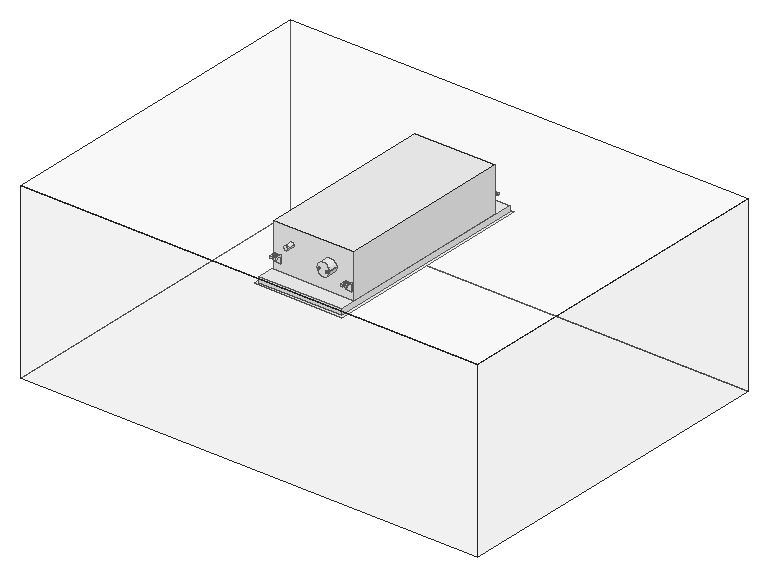
Revit family "pl-rp40_160la17_50Hz", category 機械設備, Revit 2019
Family settings
  丸型コネクタ寸法 = 直径を使用
  パーツ タイプ = 標準
  OmniClass 番号 = 23.75.10.24.21.27.27
  OmniClass タイトル = Split System Air Conditioning Units
  作業面ベース = いいえ
  常に垂直 = はい
  ロード時にボイドで切り取り = いいえ
  共有 = いいえ
  部屋計算ポイント = はい
Parameters (values of type "PL-RP160LA17_50Hz")
  風量（静）（m3／min） = 20
  風量（静） = 風量（静）（m3／min） * 60  # 1200
  風量（弱）（m3／min） = 24.5
  風量（中）（m3／min） = 27
  風量（m3／min） = 30
  風量 = MAX風量  # 1800.0 m³/h
  音響パワーレベル（静）(dB) = 62
  音響パワーレベル（弱）(dB) = 63
  音響パワーレベル（中）(dB) = 66
  音響パワーレベル(dB) = 67
  電源種別 = "一般"
  電圧_電気ヒーター = 0 V
  電圧 = 200 V
  電動機出力_送風機 = 0.24 kW
  運転質量 = 0.00 kg
  連動 = ""
  質量 = if(製品質量 > 運転質量, 製品質量, 運転質量) * 1.2  # 56.40 kg
  負荷分類 = 3_ファン類
  説明 = "空冷ヒートポンプインバータPAC天井カセット形(2方向吹出)"
  設計暖房能力 = 0 kW
  設計冷房能力_顕熱 = 0 kW
  設計冷房能力 = 0 kW
  設置方法 = "カセット形(2方向吹出形)"
  記号 = ""
  製造元 = "三菱電機株式会社"
  製品質量 = 47.00 kg
  製品出荷対象 = "国内"
  製品リリース年月 = "2021/5/10"
  製品グループ = ""
  系統 = ""
  符号 = "PAC_CK2"
  積算_科目 = "1 空気調和設備"
  積算_拾い区分 = ""
  相_電気ヒーター = 1
  相 = 1
  盤記号 = ""
  発停方法 = ""
  特殊仕様 = ""
  火災停止 = ""
  消費電力_電気ヒーター = 0 kW
  消費電力_暖房 = 0.14 kW
  消費電力_加湿器 = 0 kW
  消費電力_冷房 = 0.14 kW
  消費電力 = if(消費電力_冷房 > 消費電力_暖房, 消費電力_冷房, 消費電力_暖房) + 消費電力_加湿器 + 消費電力_電気ヒーター  # 0.14 kW
  法定耐用年数 = "15"
  機外静圧 = 0.0 Pa
  製造番号 = ""
  極数 = 3
  材質 = "溶融亜鉛メッキ鋼板"
  本体マテリアル = 鋼、ペイント仕上げ、アイボリー、光沢
  有効加湿量 = 0
  暖房能力 = 16 kW
  推奨ブレーカー容量 = 15 A
  形式_加湿器 = ""
  形式 = "カセット形(2方向吹出形)"
  幹線記号 = ""
  始動方式 = "直入"
  呼称 = "パッケージ形空気調和機_室内機"
  周波数 = 50 Hz
  吊り金具_高さ = 231.000 mm
  吊り位置Y = 1494.000 mm
  吊り位置X = 574.000 mm
  加湿給水管径 = 0 mm
  分類コード = "50053003123020"
  分類グループ = ""
  冷房能力 = 14 kW
  冷媒高低圧ガス管径 = 0 mm
  冷媒管径符号 = "Bg"
  冷媒管径 = 100 mm
  冷媒液管高さ = 163.000 mm
  冷媒液管長さ = 71.000 mm
  冷媒液管径 = 9.52 mm
  冷媒ガス管高さ = 163.000 mm
  冷媒ガス管長さ = 83.000 mm
  冷媒ガス管径 = 15.88 mm
  価格 = 0
  企業コード = "108420"
  付属品_フィルター = ""
  付属品 = ""
  モデル = "PL-RP160LA17"
  ドレン管高さ = 101.000 mm
  ドレン管径 = 32 mm
  サービススペース = yes
  ケーブル種類 = ""
  ケーブルサイズ = 1.6 mm
  Width = 650.000 mm
  Version = ""
  Uniclass2015Version = "Systems v1.9"
  Uniclass2015Title = "Split coil remote air cooled condensing units"
  Uniclass2015Code = "Pr_70_65_03_84"
  URL = "https://www.mitsubishielectric.co.jp/ldg/wink/ssl/displayProduct.do?pid=310203"
  SpecificationReference = ""
  SpecificationDescription = ""
  S_H = 0.000 mm
  Revision = ""
  ProductInformation = ""
  OmniClassCode = "23-751024212727"
  MIN風量 = 風量（弱）（m3／min） * 60.0 m³/h  # 1470.0 m³/h
  MID風量 = 風量（中）（m3／min） * 60.0 m³/h  # 1620.0 m³/h
  MAX風量 = 風量（m3／min） * 60.0 m³/h  # 1800.0 m³/h
  IfcTypeProduct = ""
  IfcProduct = ""
  IfcExportType = "AIRCONDITIONINGUNIT"
  IfcExportAs = "IfcUnitaryEquipmentType"
  Height = 398.000 mm
  Depth = 1440.000 mm
  Author = "三菱電機株式会社"
Types (10, lengths in mm): name | 風量（静）（m3／min） | 風量（静） | 風量（弱）（m3／min） | 風量（中）（m3／min） | 風量（m3／min） | 風量 | 音響パワーレベル（静）(dB) | 音響パワーレベル（弱）(dB) | 音響パワーレベル（中）(dB) | 音響パワーレベル(dB) | 電動機出力_送風機 | 質量 | 製品質量 | 消費電力_暖房 | 消費電力_冷房 | 消費電力 | 暖房能力 | 吊り金具_高さ | 吊り位置Y | 冷房能力 | 冷媒管径符号 | 冷媒液管高さ | 冷媒液管長さ | 冷媒液管径 | 冷媒ガス管高さ | 冷媒ガス管長さ | 冷媒ガス管径 | モデル | ドレン管高さ | URL | MIN風量 | MID風量 | MAX風量 | Height | Depth
  PL-RP40LA17_50Hz | 7 | 420 | 8 | 9 | 10 | 600.0 m³/h | 49 | 50 | 51 | 52 | 0.05 kW | 25.20 kg | 21.00 kg | 0.03 kW | 0.03 kW | 0.03 kW | 4 kW | 190.000 | 824.000 | 3.6 kW | "Ac" | 122.000 | 67.000 | 6.35 | 122.000 | 78.000 | 12.7 | "PL-RP40LA17" | 60.000 | "https://www.mitsubishielectric.co.jp/ldg/wink/ssl/displayProduct.do?pid=310232" | 480.0 m³/h | 540.0 m³/h | 600.0 m³/h | 357.000 | 770.000
  PL-RP45LA17_50Hz | 8.5 | 510 | 9.5 | 10.5 | 11.5 | 690.0 m³/h | 49 | 50 | 52 | 53 | 0.05 kW | 28.80 kg | 24.00 kg | 0.04 kW | 0.04 kW | 0.04 kW | 4.5 kW | 190.000 | 994.000 | 4 kW | "Ac" | 122.000 | 67.000 | 6.35 | 122.000 | 78.000 | 12.7 | "PL-RP45LA17" | 60.000 | "https://www.mitsubishielectric.co.jp/ldg/wink/ssl/displayProduct.do?pid=310231" | 570.0 m³/h | 630.0 m³/h | 690.0 m³/h | 357.000 | 940.000
  PL-RP50LA17_50Hz | 10 | 600 | 12 | 13 | 14 | 840.0 m³/h | 51 | 54 | 56 | 58 | 0.05 kW | 31.20 kg | 26.00 kg | 0.06 kW | 0.06 kW | 0.06 kW | 5 kW | 190.000 | 994.000 | 4.5 kW | "Ac" | 122.000 | 67.000 | 6.35 | 122.000 | 78.000 | 12.7 | "PL-RP50LA17" | 60.000 | "https://www.mitsubishielectric.co.jp/ldg/wink/ssl/displayProduct.do?pid=310196" | 720.0 m³/h | 780.0 m³/h | 840.0 m³/h | 357.000 | 940.000
  PL-RP56LA17_50Hz | 10 | 600 | 12 | 13 | 14 | 840.0 m³/h | 52 | 54 | 56 | 58 | 0.05 kW | 31.20 kg | 26.00 kg | 0.06 kW | 0.06 kW | 0.06 kW | 5.6 kW | 190.000 | 994.000 | 5 kW | "Ac" | 122.000 | 67.000 | 6.35 | 122.000 | 78.000 | 12.7 | "PL-RP56LA17" | 60.000 | "https://www.mitsubishielectric.co.jp/ldg/wink/ssl/displayProduct.do?pid=310197" | 720.0 m³/h | 780.0 m³/h | 840.0 m³/h | 357.000 | 940.000
  PL-RP63LA17_50Hz | 10 | 600 | 12 | 13 | 14 | 840.0 m³/h | 53 | 54 | 56 | 58 | 0.05 kW | 31.20 kg | 26.00 kg | 0.06 kW | 0.06 kW | 0.06 kW | 6.3 kW | 190.000 | 994.000 | 5.6 kW | "Ac" | 122.000 | 67.000 | 6.35 | 122.000 | 78.000 | 12.7 | "PL-RP63LA17" | 60.000 | "https://www.mitsubishielectric.co.jp/ldg/wink/ssl/displayProduct.do?pid=310198" | 720.0 m³/h | 780.0 m³/h | 840.0 m³/h | 357.000 | 940.000
  PL-RP71LA17_50Hz | 10 | 600 | 12 | 13 | 14 | 840.0 m³/h | 54 | 55 | 56 | 58 | 0.05 kW | 31.20 kg | 26.00 kg | 0.06 kW | 0.06 kW | 0.06 kW | 7 kW | 190.000 | 994.000 | 6.3 kW | "Bd" | 122.000 | 67.000 | 9.52 | 122.000 | 78.000 | 15.88 | "PL-RP71LA17" | 60.000 | "https://www.mitsubishielectric.co.jp/ldg/wink/ssl/displayProduct.do?pid=310199" | 720.0 m³/h | 780.0 m³/h | 840.0 m³/h | 357.000 | 940.000
  PL-RP80LA17_50Hz | 10 | 600 | 12 | 13 | 14 | 840.0 m³/h | 55 | 56 | 57 | 59 | 0.05 kW | 31.20 kg | 26.00 kg | 0.06 kW | 0.06 kW | 0.06 kW | 8 kW | 190.000 | 994.000 | 7.1 kW | "Bg" | 122.000 | 67.000 | 9.52 | 122.000 | 78.000 | 15.88 | "PL-RP80LA17" | 60.000 | "https://www.mitsubishielectric.co.jp/ldg/wink/ssl/displayProduct.do?pid=310200" | 720.0 m³/h | 780.0 m³/h | 840.0 m³/h | 357.000 | 940.000
  PL-RP112LA17_50Hz | 18 | 1080 | 20.5 | 22.5 | 24 | 1440.0 m³/h | 58 | 60 | 61 | 62 | 0.1 kW | 54.00 kg | 45.00 kg | 0.09 kW | 0.09 kW | 0.09 kW | 11.2 kW | 231.000 | 1494.000 | 10 kW | "Bg" | 163.000 | 71.000 | 9.52 | 163.000 | 83.000 | 15.88 | "PL-RP112LA17" | 101.000 | "https://www.mitsubishielectric.co.jp/ldg/wink/ssl/displayProduct.do?pid=310201" | 1230.0 m³/h | 1350.0 m³/h | 1440.0 m³/h | 398.000 | 1440.000
  PL-RP140LA17_50Hz | 20 | 1200 | 24.5 | 27 | 29 | 1740.0 m³/h | 61 | 62 | 65 | 66 | 0.24 kW | 56.40 kg | 47.00 kg | 0.14 kW | 0.14 kW | 0.14 kW | 14 kW | 231.000 | 1494.000 | 12.5 kW | "Bg" | 163.000 | 71.000 | 9.52 | 163.000 | 83.000 | 15.88 | "PL-RP140LA17" | 101.000 | "https://www.mitsubishielectric.co.jp/ldg/wink/ssl/displayProduct.do?pid=310202" | 1470.0 m³/h | 1620.0 m³/h | 1740.0 m³/h | 398.000 | 1440.000
  PL-RP160LA17_50Hz | 20 | 1200 | 24.5 | 27 | 30 | 1800.0 m³/h | 62 | 63 | 66 | 67 | 0.24 kW | 56.40 kg | 47.00 kg | 0.14 kW | 0.14 kW | 0.14 kW | 16 kW | 231.000 | 1494.000 | 14 kW | "Bg" | 163.000 | 71.000 | 9.52 | 163.000 | 83.000 | 15.88 | "PL-RP160LA17" | 101.000 | "https://www.mitsubishielectric.co.jp/ldg/wink/ssl/displayProduct.do?pid=310203" | 1470.0 m³/h | 1620.0 m³/h | 1800.0 m³/h | 398.000 | 1440.000
Reference planes
  plane 1 "中心(正面/背面)": y = 0
  plane 2: z = 0
  plane 3 "中心(左/右)": x = 0
  plane 4 "最外形_1": y = 875
  plane 5 "最外形_2": y = -875
  plane 6 "本体_1": y = 720
  plane 7 "本体_2": y = -720
  plane 8 "吊り位置Y_1": y = 747
  plane 9 "吊り位置Y_2": y = -747
  plane 10 "吊り位置X_2": x = 287
  plane 11 "吊り位置X_1": x = -287
  plane 12 "吊り金具位置": z = 167
  plane 13 "冷媒管_高さ": z = 235
  plane 14 "ガス管_1": y = -803
  plane 15 "液管_1": y = -791
  plane 16 "ガス管_2": x = 173
  plane 17 "液管_2": x = 103
  plane 18 "ドレン配管_高さ": z = 275
  plane 19: x = -175
  plane 20 "ドレン_長さ": y = -777
  plane 21 "サービススペース": z = 345
  plane 22 "点検口範囲_1": y = -340
  plane 23 "点検口範囲_2": y = 310
  plane 24: y = 450
  plane 25: y = 110
  plane 26 "サービススペース_2": x = 1855
  plane 27 "サービススペース_1": x = -1855
  plane 28 "サービススペース_3": y = 1375
  plane 29 "サービススペース_4": y = -1375
  plane 30 "高さ": z = 398
  plane 31 "サービススペース_5": z = -1000
Forms (mm)
  Extrusion 1, solid, detail levels fine
    sketch origin (0, 0, 0) x (0, -1, 0) y (1, 0, 0)
      loop
        line (855, -335) -> (855, 335) -> (-855, 335) -> (-855, -335) -> (855, -335)
    from 0 to 45
  Extrusion 2, solid, detail levels fine
    sketch origin (0, 0, 0) x (0, -1, 0) y (1, 0, 0)
      loop
        line (-720, 325) -> (-720, -325) -> (720, -325) -> (720, 325) -> (-720, 325)
    from 45 to 398
  Extrusion 3, solid, detail levels fine
    sketch origin (0, 0, 0) x (1, 0, 0) y (0, 1, 0)
      loop
        line (355, -875) -> (355, 875) -> (-355, 875) -> (-355, -875) -> (355, -875)
    from -20 to 0
  Sweep 4, void
    path in 3D
      loop
        line (-355, -875, -20) -> (-355, 875, -20) -> (355, 875, -20) -> (355, -875, -20) -> (-355, -875, -20)
    profile origin (0, -875, -20) x (0, 1, 0) y (0, 0, -1)
      loop
        line (0, -20) -> (31.974, 0) -> (0, 0) -> (0, -20)
  Extrusion 5, solid, detail levels fine
    sketch origin (0, 0, 0) x (1, 0, 0) y (0, 0, 1)
      loop
        circle (103, 235) r 4.76
    from 720 to 791
  Extrusion 6, solid, detail levels fine
    sketch origin (0, 0, 0) x (1, 0, 0) y (0, 0, 1)
      loop
        circle (173, 235) r 7.94
    from 720 to 803
  Extrusion 7, solid, detail levels fine
    sketch origin (0, 0, 0) x (1, 0, 0) y (0, 0, 1)
      loop
        circle (138, 235) r 50
    from 720 to 791
  Extrusion 8, solid, detail levels fine
    sketch origin (0, 0, 0) x (1, 0, 0) y (0, 0, 1)
      loop
        circle (-175, 275) r 16
    from 720 to 777
Cuts and joins
  Sweep 4 cuts Extrusion 3
Lines and regions (mm)
  model lines, detail levels fine
    curve 1: line (-240, 770, -20) -> (240, 770, -20)
    curve 2: line (250, 760, -20) -> (250, -760, -20)
    curve 3: line (180, 770, -20) -> (180, -770, -20)
    curve 4: line (-240, -770, -20) -> (240, -770, -20)
    curve 5: line (-250, 760, -20) -> (-250, -760, -20)
    curve 6: line (-180, 770, -20) -> (-180, -770, -20)
    curve 7: arc (240, 770, -20) -> (247.071, 767.071, -20) -> (250, 760, -20) r 10
    curve 8: arc (250, -760, -20) -> (247.071, -767.071, -20) -> (240, -770, -20) r 10
    curve 9: arc (-250, -760, -20) -> (-247.071, -767.071, -20) -> (-240, -770, -20) r 10
    curve 10: arc (-250, 760, -20) -> (-247.071, 767.071, -20) -> (-240, 770, -20) r 10
    curve 11: line (260.1, 759.827, -20) -> (260.1, -759.827, -20)
    curve 12: line (271.273, 771, -20) -> (289.25, 771, -20)
    curve 13: line (312.8, -754.027, -20) -> (312.8, 754.027, -20)
    curve 14: arc (260.1, 759.827, -20) -> (263.372, 767.728, -20) -> (271.273, 771, -20) r 11.173
    curve 15: arc (289.25, 771, -20) -> (303.765, 766.315, -20) -> (312.8, 754.027, -20) r 24.824
    curve 16: line (271.273, -771, -20) -> (289.25, -771, -20)
    curve 17: arc (260.1, -759.827, -20) -> (263.372, -767.728, -20) -> (271.273, -771, -20) r 11.173
    curve 18: arc (289.25, -771, -20) -> (303.765, -766.315, -20) -> (312.8, -754.027, -20) r 24.824
    curve 19: line (-260.1, 759.827, -20) -> (-260.1, -759.827, -20)
    curve 20: line (-271.273, 771, -20) -> (-289.25, 771, -20)
    curve 21: line (-312.8, -754.027, -20) -> (-312.8, 754.027, -20)
    curve 22: arc (-260.1, 759.827, -20) -> (-263.372, 767.728, -20) -> (-271.273, 771, -20) r 11.173
    curve 23: arc (-289.25, 771, -20) -> (-303.765, 766.315, -20) -> (-312.8, 754.027, -20) r 24.824
    curve 24: line (-271.273, -771, -20) -> (-289.25, -771, -20)
    curve 25: arc (-260.1, -759.827, -20) -> (-263.372, -767.728, -20) -> (-271.273, -771, -20) r 11.173
    curve 26: arc (-289.25, -771, -20) -> (-303.765, -766.315, -20) -> (-312.8, -754.027, -20) r 24.824
  sketch lines
    curve 27: line (355, -875, -20) -> (-355, -875, -20)
    curve 28: line (355, 875, -20) -> (355, -875, -20)
    curve 29: line (-355, 875, -20) -> (355, 875, -20)
    curve 30: line (-355, -875, -20) -> (-355, 875, -20)
Dimensions and locks
  locked: cut or joined group of Extrusion 3, Sweep 4 to cut or joined group of Extrusion 3, Sweep 4 at 710
  plane 5 "最外形_2" to plane 4 "最外形_1" = 1750.000 mm
  equal spacing: plane 5 "最外形_2", plane 1 "中心(正面/背面)", plane 4 "最外形_1"
  equal spacing: plane 7 "本体_2", plane 1 "中心(正面/背面)", plane 6 "本体_1"
  "Depth": plane 7 "本体_2" to plane 6 "本体_1"
  equal spacing: plane 9 "吊り位置Y_2", plane 1 "中心(正面/背面)", plane 8 "吊り位置Y_1"
  "吊り位置Y": plane 9 "吊り位置Y_2" to plane 8 "吊り位置Y_1"
  plane 11 "吊り位置X_1" to plane 10 "吊り位置X_2" = 574.000 mm  (x2)
  plane 5 "最外形_2" to plane 7 "本体_2" = 155.000 mm
  locked: plane 6 "本体_1" to plane 4 "最外形_1" at 155
  "冷媒ガス管長さ": plane 14 "ガス管_1" to plane 7 "本体_2"
  "冷媒液管長さ": plane 7 "本体_2" to plane 15 "液管_1"
  locked: plane 20 "ドレン_長さ" to plane 7 "本体_2" at 57
  locked: plane 29 "サービススペース_4" to plane 5 "最外形_2" at 500
  locked: plane 4 "最外形_1" to plane 28 "サービススペース_3" at 500
  "Height": plane 30 "高さ" to level
  "冷媒ガス管高さ": plane 30 "高さ" to plane 13 "冷媒管_高さ"
  "吊り金具_高さ": plane 30 "高さ" to plane 12 "吊り金具位置"
  "冷媒液管径": diameter of Extrusion 5 sketch curve
  "冷媒ガス管径": diameter of Extrusion 6 sketch curve
  diameter of Extrusion 7 sketch curve = 100.000 mm
  diameter of Extrusion 8 sketch curve = 32.000 mm
  aligned and locked: level to plane 2
  aligned and locked: plane 5 "最外形_2" to cut or joined group of Extrusion 3, Sweep 4
  aligned and locked: plane 6 "本体_1" to Extrusion 2
  aligned and locked: nested 4 to plane 6 "本体_1"
  aligned and locked: nested 3 to plane 6 "本体_1"
  aligned and locked: plane 7 "本体_2" to Extrusion 2  (x2)
  aligned and locked: nested 2 to plane 7 "本体_2"
  aligned and locked: nested 1 to plane 7 "本体_2"
  aligned and locked: Extrusion 2 to Extrusion 1
  aligned and locked: plane 8 "吊り位置Y_1" to nested 5
  aligned and locked: nested 5 to plane 8 "吊り位置Y_1"
  aligned and locked: plane 9 "吊り位置Y_2" to nested 5  (x2)
  aligned and locked: nested 5 to plane 10 "吊り位置X_2"
  aligned and locked: plane 11 "吊り位置X_1" to nested 5
  aligned and locked: Extrusion 5 to plane 7 "本体_2"
  aligned and locked: Extrusion 6 to plane 7 "本体_2"
  aligned and locked: Extrusion 6 to plane 14 "ガス管_1"
  aligned and locked: Extrusion 5 to plane 15 "液管_1"
  aligned and locked: Extrusion 7 to Extrusion 2
  aligned and locked: Extrusion 7 to plane 15 "液管_1"
  aligned and locked: Extrusion 8 to Extrusion 2
  aligned and locked: plane 20 "ドレン_長さ" to Extrusion 8
  aligned and locked: Extrusion 2 to plane 6 "本体_1"
  aligned and locked: nested 6 to plane 27 "サービススペース_1"
  aligned and locked: nested 6 to plane 26 "サービススペース_2"
  aligned and locked: nested 6 to plane 28 "サービススペース_3"
  aligned and locked: nested 6 to plane 29 "サービススペース_4"
  aligned and locked: plane 30 "高さ" to Extrusion 2
  aligned and locked: nested 1 to plane 12 "吊り金具位置"
  aligned and locked: plane 12 "吊り金具位置" to nested 3
  aligned and locked: nested 2 to plane 12 "吊り金具位置"
  aligned and locked: plane 12 "吊り金具位置" to nested 4
  aligned and locked: plane 30 "高さ" to nested 6
  aligned and locked: nested 6 to plane 31 "サービススペース_5"
Automatic sketch dimensions
  plane 4 "最外形_1" to Extrusion 1 sketch curve = 20.000 mm
  Extrusion 1 sketch curve to plane 5 "最外形_2" = 20.000 mm
  Extrusion 1 sketch curve to plane 3 "中心(左/右)" = 335.000 mm
  plane 3 "中心(左/右)" to Extrusion 1 sketch curve = 335.000 mm
  plane 4 "最外形_1" to Extrusion 2 sketch curve = 155.000 mm
  Extrusion 2 sketch curve to plane 5 "最外形_2" = 155.000 mm
  Extrusion 2 sketch curve to plane 3 "中心(左/右)" = 325.000 mm
  plane 3 "中心(左/右)" to Extrusion 2 sketch curve = 325.000 mm
  plane 4 "最外形_1" to curve 21 = 120.973 mm
  curve 21 to plane 3 "中心(左/右)" = 312.800 mm
  curve 23 to curve 20 = 23.550 mm
  curve 26 to curve 24 = 23.550 mm
  curve 23 to curve 20 = 17.977 mm
  curve 26 to curve 24 = 17.977 mm
  curve 25 to curve 19 = 11.173 mm
  curve 19 to curve 5 = 10.100 mm
  curve 5 to curve 4 = 10.000 mm
  curve 5 to curve 10 = 10.000 mm
  plane 3 "中心(左/右)" to curve 1 = 240.000 mm
  curve 8 to plane 5 "最外形_2" = 115.000 mm
  plane 3 "中心(左/右)" to curve 8 = 240.000 mm
  curve 7 to curve 2 = 10.000 mm
  curve 2 to curve 11 = 10.100 mm
  curve 17 to curve 17 = 11.173 mm
  curve 14 to curve 12 = 11.173 mm
  curve 14 to curve 15 = 17.977 mm
  curve 17 to curve 18 = 17.977 mm
  curve 16 to curve 2 = 11.000 mm
  curve 24 to curve 5 = 11.000 mm
  curve 24 to curve 21 = 16.973 mm
  curve 18 to curve 13 = 16.973 mm
  curve 23 to curve 21 = 7.851 mm
  curve 15 to curve 13 = 7.851 mm
  curve 11 to curve 7 = 0.173 mm
  curve 10 to curve 6 = 60.000 mm
  curve 3 to curve 8 = 60.000 mm
  plane 5 "最外形_2" to Extrusion 3 sketch curve = 0.000 mm
  plane 4 "最外形_1" to Extrusion 3 sketch curve = 0.000 mm
  Extrusion 3 sketch curve to plane 3 "中心(左/右)" = 355.000 mm
  plane 3 "中心(左/右)" to Extrusion 3 sketch curve = 355.000 mm
  Sweep 4 sketch curve to profile plane = 0.000 mm
  profile plane to Sweep 4 sketch curve = 0.000 mm
  Sweep 4 sketch curve to profile plane = 31.974 mm
  Sweep 4 sketch curve to profile plane = 20.000 mm
  Extrusion 7 sketch curve to plane 13 "冷媒管_高さ" = 0.000 mm
  plane 16 "ガス管_2" to Extrusion 7 sketch curve = 35.000 mm
  Extrusion 8 sketch curve to plane 18 "ドレン配管_高さ" = 0.000 mm
  plane 19 to Extrusion 8 sketch curve = 0.000 mm
  plane 8 "吊り位置Y_1" to curve 15 = 0.824 mm
  curve 18 to curve 13 = 23.550 mm
  Extrusion 5 sketch curve to plane 13 "冷媒管_高さ" = 0.000 mm
  plane 17 "液管_2" to Extrusion 5 sketch curve = 0.000 mm
  Extrusion 6 sketch curve to plane 13 "冷媒管_高さ" = 0.000 mm
  plane 16 "ガス管_2" to Extrusion 6 sketch curve = 0.000 mm
Nested families
  nested 1: "LEG1" at (287, -747, 167), type "LEG1", detail levels fine
  nested 2: "LEG1" at (-287, -747, 167), type "LEG1", detail levels fine
  nested 3: "LEG1" at (287, 747, 167), type "LEG1", detail levels fine
  nested 4: "LEG1" at (-287, 747, 167), type "LEG1", detail levels fine
  nested 5: "固定点" at (-287, -747, 0), type "固定点"
    with W 574.000 mm, D 1494.000 mm
  nested 6: "サービススペース" at (0, 0, -301), type "サービススペース"
    with Width 3710.000 mm, Height 1398.000 mm, Depth 2750.000 mm
Connectors
  electrical at (0, -720, 221.5), driven by "極数", driven by "負荷分類", driven by "電圧", driven by "消費電力"
    settings: on Extrusion 2, index 4, voltage 200 V, apparent load 140 VA, apparent load phase1 0 VA, apparent load phase2 0 VA, apparent load phase3 0 VA, power factor 1, load classification "3_ファン類", number of poles 3, system type 30, power factor state 1, is connector primary yes, connector utility no, sub classification motor no, connector description ""
  piping at (-175, -777, 275), diameter 32, driven by "ドレン管径"
    settings: on Extrusion 8, index 5, connector inside diameter 609.6 mm, connector length 0.000 mm, flow factor 0, pipe flow 0.0 L/s, pressure drop 0.0 Pa, fitting loss kfactor 0, connector angle 0.00°, fixture units 0, engagement length 0.000 mm, angle of deflection 0.00°, flow configuration 1, flow direction 2, fitting loss method 4, system type 16, joint type 0, gender type 0, connector reference index -1, connector utility 0, adjustable connector no, is connector primary yes, connector description ""
  piping at (138, -791, 235), diameter 100, driven by "冷媒管径符号", driven by "冷媒管径"
    settings: on Extrusion 7, index 6, connector inside diameter 609.6 mm, connector length 0.000 mm, flow factor 0, pipe flow 0.0 L/s, pressure drop 0.0 Pa, fitting loss kfactor 0, connector angle 0.00°, fixture units 0, engagement length 0.000 mm, angle of deflection 0.00°, flow configuration 1, flow direction 1, fitting loss method 4, system type 7, joint type 0, gender type 0, connector reference index -1, connector utility 0, adjustable connector no, is connector primary no, connector description "Bg"
Definition of nested family "LEG1"
  Parameters (values of type "LEG1")
    product distance = 27.000 mm
  Reference planes
    plane 1 "中心(正面/背面)": y = 0
    plane 2: z = 0
    plane 3 "中心(左/右)": x = 0
    plane 4: x = -25
    plane 5: x = 25
    plane 6: y = -23
    plane 7: y = 27
    plane 8: x = -8
    plane 9: x = 8
    plane 10: x = -6
    plane 11: x = 6
    plane 12: y = 24.7
  Forms (mm)
    Extrusion 1, solid
      sketch origin (0, 0, 0) x (1, 0, 0) y (0, 1, 0)
        loop
          line (-25, 27) -> (-25, -23) -> (25, -23) -> (25, 27) -> (-25, 27)
      from 0 to -60
    Extrusion 2, void
      sketch origin (0, 0, 0) x (0, 1, 0) y (0, 0, 1)
        loop
          line (-20.7, -2.3) -> (-20.7, -15) -> (-23, -15) -> (-23, -60) -> (24.7, -60) -> (24.7, -2.3) -> (-20.7, -2.3)
      from -25 to 25
    Extrusion 3, void
      sketch origin (0, 0, 0) x (1, 0, 0) y (0, 1, 0)
        loop
          arc (-8, 7) -> (-15, 0) -> (-8, -7) r 7
          line (-8, -7) -> (-6, -7) -> (-6, -23) -> (6, -23) -> (6, -7) -> (8, -7)
          arc (8, -7) -> (15, 0) -> (8, 7) r 7
          line (8, 7) -> (-8, 7)
      from 0 to -60
  Cuts and joins
    Extrusion 2, Extrusion 3 cuts Extrusion 1
  Dimensions and locks
    locked: Extrusion 1 sketch curve to Extrusion 1 sketch curve at 50
    equal spacing: Extrusion 1 sketch curve, plane 3 "中心(左/右)", Extrusion 1 sketch curve
    locked: plane 6 to plane 1 "中心(正面/背面)" at 23
    "product distance": plane 1 "中心(正面/背面)" to plane 7
    plane 7 to Extrusion 2 sketch curve = 2.300 mm
    locked: cut or joined group of Extrusion 1, Extrusion 2, Extrusion 3 to cut or joined group of Extrusion 1, Extrusion 2, Extrusion 3 at 2.3  (x2)
    cut or joined group of Extrusion 1, Extrusion 2, Extrusion 3 to cut or joined group of Extrusion 1, Extrusion 2, Extrusion 3 = 50.000 mm
    aligned and locked: level to plane 2
    aligned and locked: Extrusion 2 sketch curve to cut or joined group of Extrusion 1, Extrusion 2, Extrusion 3  (x2)
    aligned and locked: cut or joined group of Extrusion 1, Extrusion 2, Extrusion 3 to Extrusion 3 sketch curve
    aligned and locked: plane 6 to Extrusion 1 sketch curve
    aligned and locked: Extrusion 1 sketch curve to plane 7
  Automatic sketch dimensions
    Extrusion 2 sketch curve to plane 6 = 2.300 mm
    Extrusion 2 sketch curve to level = 15.000 mm
    Extrusion 2 sketch curve to level = 2.300 mm
    plane 1 "中心(正面/背面)" to Extrusion 3 sketch curve = 0.000 mm  (x2)
    Extrusion 3 sketch curve to plane 8 = 0.000 mm
    Extrusion 3 sketch curve to plane 10 = 0.000 mm
    Extrusion 3 sketch curve to plane 11 = 0.000 mm
    Extrusion 3 sketch curve to plane 9 = 0.000 mm  (x2)
    plane 1 "中心(正面/背面)" to Extrusion 3 sketch curve = 7.000 mm
Definition of nested family "サービススペース"
  Parameters (values of type "サービススペース")
    Width [instance] = 500.000 mm
    Height [instance] = 500.000 mm
    Depth [instance] = 500.000 mm
  Reference planes
    plane 1 "中心(正面/背面)": y = 0
    plane 2: z = 0
    plane 3 "中心(左/右)": x = 0
    plane 4: y = -250
    plane 5: x = 250
    plane 6: y = 250
    plane 7: x = -250
    plane 8: z = 250
    plane 9: z = -250
  Forms (mm)
    Extrusion 1, solid
      sketch origin (-638.939, 0, 72.39) x (1, 0, 0) y (0, 1, 0)
        loop
          line (388.939, 250) -> (388.939, -250) -> (888.939, -250) -> (888.939, 250) -> (388.939, 250)
      from -322.39 to 177.61
  Lines and regions (mm)
    symbolic lines
      curve 1: line (-250, 0, 250) -> (250, 0, 250)
      curve 2: line (-250, 0, -250) -> (-250, 0, 250)
      curve 3: line (250, 0, -250) -> (-250, 0, -250)
      curve 4: line (250, 0, 250) -> (250, 0, -250)
      curve 5: line (0, -250, 250) -> (0, 250, 250)
      curve 6: line (0, -250, -250) -> (0, -250, 250)
      curve 7: line (0, 250, -250) -> (0, -250, -250)
      curve 8: line (0, 250, 250) -> (0, 250, -250)
      curve 9: line (-250, 250, 0) -> (250, 250, 0)
      curve 10: line (-250, -250, 0) -> (-250, 250, 0)
      curve 11: line (250, -250, 0) -> (-250, -250, 0)
      curve 12: line (250, 250, 0) -> (250, -250, 0)
  Dimensions and locks
    equal spacing: plane 7, plane 3 "中心(左/右)", plane 5
    equal spacing: plane 4, plane 1 "中心(正面/背面)", plane 6
    "Depth": plane 4 to plane 6
    "Width": plane 7 to plane 5
    equal spacing: plane 8, plane 2, plane 9
    "Height": plane 8 to plane 9
    aligned and locked: plane 9 to curve 3
    aligned and locked: plane 7 to curve 2
    aligned and locked: curve 4 to plane 5
    aligned and locked: plane 5 to Extrusion 1
    aligned and locked: Extrusion 1 to plane 7
    aligned and locked: Extrusion 1 to plane 9
    aligned and locked: plane 8 to Extrusion 1
    aligned and locked: plane 9 to curve 7
  Automatic sketch dimensions
    plane 4 to Extrusion 1 sketch curve = 0.000 mm
    Extrusion 1 sketch curve to plane 7 = 0.000 mm
    Extrusion 1 sketch curve to plane 5 = 0.000 mm
    plane 6 to Extrusion 1 sketch curve = 0.000 mm
    curve 2 to plane 8 = 0.000 mm
    plane 4 to curve 11 = 0.000 mm
    curve 11 to plane 7 = 0.000 mm
    curve 11 to plane 5 = 0.000 mm
    plane 6 to curve 10 = 0.000 mm
    curve 7 to plane 4 = 0.000 mm
    curve 7 to plane 6 = 0.000 mm
    curve 6 to plane 8 = 0.000 mm
Definition of nested family "固定点"
  Parameters (values of type "固定点")
    中心円 = 20.000 mm
    W [instance] = 574.000 mm
    D [instance] = 824.000 mm
  Reference planes
    plane 1 "中心(正面/背面)": y = 0
    plane 2: z = 0
    plane 3 "中心(左/右)": x = 0
    plane 4: x = 574
    plane 5: y = 824
  Lines and regions (mm)
    symbolic lines, detail levels fine
      curve 1: circle (0, 824, 0) r 10 normal (0, 0, 1)
      curve 2: circle (0, 0, 0) r 10 normal (0, 0, 1)
      curve 3: circle (574, 824, 0) r 10 normal (0, 0, 1)
      curve 4: circle (574, 0, 0) r 10 normal (0, 0, 1)
      curve 5: line (-200, 824, 0) -> (774, 824, 0)
      curve 6: line (-200, 0, 0) -> (774, 0, 0)
      curve 7: line (0, 1024, 0) -> (0, -200, 0)
      curve 8: line (574, 1024, 0) -> (574, -200, 0)
  Dimensions and locks
    "W": plane 3 "中心(左/右)" to plane 4
    "D": plane 1 "中心(正面/背面)" to plane 5
    "中心円": diameter of curve 1
    "中心円": diameter of curve 2
    "中心円": diameter of curve 3
    "中心円": diameter of curve 4
    aligned and locked: level to plane 2
    aligned and locked: plane 5 to curve 1
    aligned and locked: plane 3 "中心(左/右)" to curve 1
    aligned and locked: plane 3 "中心(左/右)" to curve 2
    aligned and locked: plane 1 "中心(正面/背面)" to curve 2
    aligned and locked: plane 4 to curve 3
    aligned and locked: plane 5 to curve 3
    aligned and locked: plane 1 "中心(正面/背面)" to curve 4
    aligned and locked: plane 4 to curve 4
    aligned and locked: plane 1 "中心(正面/背面)" to curve 6
    aligned and locked: curve 7 to plane 3 "中心(左/右)"
    aligned and locked: curve 8 to plane 4
  Automatic sketch dimensions
    curve 5 to plane 5 = 0.000 mm
    curve 6 to plane 3 "中心(左/右)" = 200.000 mm
    curve 5 to plane 3 "中心(左/右)" = 200.000 mm
    curve 4 to curve 6 = 200.000 mm
    curve 3 to curve 5 = 200.000 mm
    plane 1 "中心(正面/背面)" to curve 8 = 200.000 mm
    plane 1 "中心(正面/背面)" to curve 7 = 200.000 mm
    curve 3 to curve 8 = 200.000 mm
    curve 1 to curve 7 = 200.000 mm
